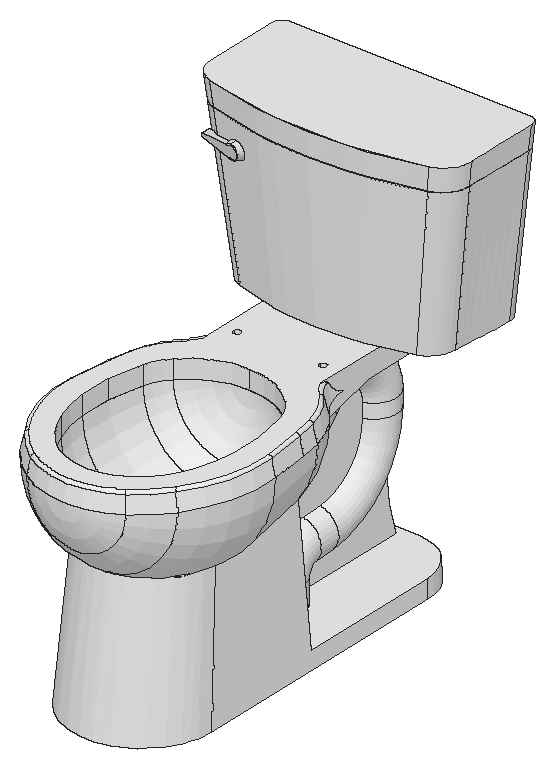
Revit family "Plumbing-Pressure-Assist-Water-Closet-Sloan-Valve-WETS-80298016_", category Plumbing Fixtures, host Face, Revit 2019 (continued)
Automatic sketch dimensions
  Masking region 1 sketch curve to Masking region 1 sketch curve = 2.31605"  (x2)
  Masking region 1 sketch curve to Masking region 1 sketch curve = 2.56575"  (x2)
  Masking region 1 sketch curve to Masking region 1 sketch curve = 5 33/128"
  Masking region 1 sketch curve to Masking region 1 sketch curve = 5.26793"
  Masking region 1 sketch curve to Masking region 1 sketch curve = 0.29604"  (x2)
  Masking region 1 sketch curve to Masking region 1 sketch curve = 17.12237"
  Masking region 1 sketch curve to Masking region 1 sketch curve = 8 3/8"
  Masking region 1 sketch curve to Masking region 1 sketch curve = 9 3/4"
  Masking region 1 sketch curve to Masking region 1 sketch curve = 3.22134"
  Masking region 1 sketch curve to Masking region 1 sketch curve = 1 1/4"
  Masking region 1 sketch curve to Masking region 1 sketch curve = 18.90159"
  Masking region 1 sketch curve to Masking region 1 sketch curve = 19.0791"
  Masking region 2 sketch curve to Masking region 2 sketch curve = 0"  (x21)
  Masking region 2 sketch curve to Masking region 2 sketch curve = 3/4"
  Masking region 2 sketch curve to Masking region 2 sketch curve = 1.02866"
  Masking region 2 sketch curve to Masking region 2 sketch curve = 2"  (x2)
  Masking region 2 sketch curve to Masking region 2 sketch curve = 2 1/4"  (x2)
  Masking region 2 sketch curve to Masking region 2 sketch curve = 2.79716"
  Masking region 2 sketch curve to Masking region 2 sketch curve = 0.52667"  (x2)
  Masking region 2 sketch curve to Masking region 2 sketch curve = 1.24583"
  Masking region 2 sketch curve to Masking region 2 sketch curve = 1.55117"  (x2)
  Masking region 2 sketch curve to Masking region 2 sketch curve = 1.66402"
  Masking region 2 sketch curve to Masking region 2 sketch curve = 0.70915"  (x2)
  Masking region 2 sketch curve to Masking region 2 sketch curve = 2.22418"  (x2)
  Masking region 2 sketch curve to Masking region 2 sketch curve = 0.38996"  (x2)
  Masking region 2 sketch curve to Masking region 2 sketch curve = 3.913"
  Masking region 2 sketch curve to Masking region 2 sketch curve = 4.50109"  (x2)
  Masking region 2 sketch curve to Masking region 2 sketch curve = 2.37129"  (x2)
  Masking region 2 sketch curve to Masking region 2 sketch curve = 2.31605"  (x2)
  Masking region 2 sketch curve to Masking region 2 sketch curve = 2.56575"  (x2)
  Masking region 2 sketch curve to Masking region 2 sketch curve = 5 33/128"
  Masking region 2 sketch curve to Masking region 2 sketch curve = 5.26793"
  Masking region 2 sketch curve to Masking region 2 sketch curve = 0.29604"  (x2)
  Masking region 2 sketch curve to Masking region 2 sketch curve = 17.12237"
  Masking region 2 sketch curve to Masking region 2 sketch curve = 8 3/8"
  Masking region 2 sketch curve to Masking region 2 sketch curve = 9 3/4"
  Masking region 2 sketch curve to Masking region 2 sketch curve = 3.22134"
  Masking region 2 sketch curve to Masking region 2 sketch curve = 1 1/4"
  Masking region 2 sketch curve to Masking region 2 sketch curve = 18.90159"
  Masking region 2 sketch curve to Masking region 2 sketch curve = 19.0791"
  plane 7 to Sweep 3 sketch curve = 16.44118"
  plane 7 to Sweep 3 sketch curve = 11 1/4"
  Sweep 3 sketch curve to Sweep 3 sketch curve = 1.57944"
  Sweep 3 sketch curve to Sweep 3 sketch curve = 1.22254"
  Sweep 3 sketch curve to Sweep 3 sketch curve = 1.50376"
  Sweep 3 sketch curve to Sweep 3 sketch curve = 2.37343"
  Sweep 3 sketch curve to Sweep 3 sketch curve = 3"
  Sweep 3 sketch curve to Sweep 3 sketch curve = 0.23912"
  Sweep 3 sketch curve to Sweep 3 sketch curve = 2.19457"
  Sweep 3 sketch curve to Sweep 3 sketch curve = 1.02691"
  Sweep 3 sketch curve to Sweep 3 sketch curve = 6.01869"
  Sweep 3 sketch curve to Sweep 3 sketch curve = 5.81653"
  Sweep 3 sketch curve to Sweep 3 sketch curve = 0.44425"
  Sweep 3 sketch curve to Sweep 3 sketch curve = 0"
  Sweep 3 sketch curve to Sweep 3 sketch curve = 1.66667"
  Sweep 3 sketch curve to Sweep 3 sketch curve = 0.07881"
  Sweep 3 sketch curve to Sweep 3 sketch curve = 2.69248"
  Extrusion 21 sketch curve to plane 7 = 0"
  plane 7 to Extrusion 21 sketch curve = 10.17837"
  Extrusion 21 sketch curve to Extrusion 21 sketch curve = 2.23845"
  plane 11 to Blend 22 sketch curve = 23 1/2"
  Blend 22 sketch curve to Blend 22 sketch curve = 3 1/2"  (x2)
  Blend 22 sketch curve to Blend 22 sketch curve = 4 7/8"
  Blend 22 sketch curve to Blend 22 sketch curve = 2 3/4"
  plane 11 to Blend 22 sketch curve = 4 67/128"
  plane 11 to Blend 22 sketch curve = 22.25397"
  plane 11 to Blend 22 sketch curve = 1 3/128"
  Blend 22 sketch curve to Blend 22 sketch curve = 4 5/16"
  Blend 22 sketch curve to Blend 22 sketch curve = 1 5/8"
  plane 11 to Extrusion 23 sketch curve = 13.77953"
  Extrusion 23 sketch curve to Extrusion 23 sketch curve = 5.00662"
  Extrusion 23 sketch curve to Extrusion 23 sketch curve = 1.37144"
  Extrusion 23 sketch curve to Extrusion 23 sketch curve = 0.83072"
  plane 11 to Extrusion 23 sketch curve = 2.01421"
  plane 11 to Extrusion 23 sketch curve = 1.80632"
  Extrusion 23 sketch curve to Extrusion 23 sketch curve = 1.24829"
  Extrusion 23 sketch curve to Extrusion 23 sketch curve = 2.7937"
  Sweep 24 sketch curve to profile plane = 0"  (x2)
  plane 11 to Extrusion 25 sketch curve = 25.07129"
  Extrusion 25 sketch curve to Extrusion 25 sketch curve = 6.25633"
  Extrusion 25 sketch curve to Extrusion 25 sketch curve = 0.63587"
  Extrusion 25 sketch curve to Extrusion 25 sketch curve = 7.2727"
  Extrusion 25 sketch curve to Extrusion 25 sketch curve = 1.99428"
  Extrusion 25 sketch curve to Extrusion 25 sketch curve = 1.03117"
  plane 11 to Extrusion 25 sketch curve = 1.54092"
  plane 11 to Extrusion 25 sketch curve = 1.93503"
  Extrusion 25 sketch curve to plane 11 = 12.09356"
  Extrusion 25 sketch curve to Extrusion 25 sketch curve = 5.1955"
  Extrusion 25 sketch curve to Extrusion 25 sketch curve = 7.268"
  Extrusion 25 sketch curve to Extrusion 25 sketch curve = 4 19/256"
  Extrusion 25 sketch curve to Extrusion 25 sketch curve = 4.71404"
  Extrusion 25 sketch curve to Extrusion 25 sketch curve = 3.46658"
  Extrusion 25 sketch curve to Extrusion 25 sketch curve = 0.2571"
  Extrusion 25 sketch curve to Extrusion 25 sketch curve = 0"
  plane 8 to Blend 26 sketch curve = 0.21467"
  plane 8 to Blend 26 sketch curve = 0.58558"
  plane 11 to Blend 26 sketch curve = 5/16"
  plane 8 to Blend 26 sketch curve = 0.96182"
  Blend 26 sketch curve to Blend 26 sketch curve = 1.99239"
  plane 8 to Blend 26 sketch curve = 7 15/16"
  plane 9 to Blend 26 sketch curve = 2.57797"
  plane 9 to Blend 26 sketch curve = 0.96182"
  plane 9 to Blend 26 sketch curve = 0.58558"
  plane 9 to Blend 26 sketch curve = 0.21467"
  Blend 26 sketch curve to Blend 26 sketch curve = 3/4"  (x3)
  Blend 26 sketch curve to Blend 26 sketch curve = 4.13053"  (x2)
  Blend 26 sketch curve to Blend 26 sketch curve = 0.17431"  (x2)
  Blend 26 sketch curve to plane 11 = 9.28691"
  Blend 26 sketch curve to Blend 26 sketch curve = 0"  (x2)
  plane 11 to Blend 26 sketch curve = 0"
  plane 11 to Blend 26 sketch curve = 6 1/128"  (x2)
  Blend 26 sketch curve to Blend 26 sketch curve = 2"
  Blend 26 sketch curve to Blend 26 sketch curve = 8 3/8"
  Blend 26 sketch curve to Blend 26 sketch curve = 14 1/4"
  plane 11 to Blend 26 sketch curve = 3/4"
  Blend 26 sketch curve to Blend 26 sketch curve = 1 1/4"
  Blend 26 sketch curve to plane 11 = 19.0791"
  Extrusion 27 sketch curve to Extrusion 27 sketch curve = 2.41998"
  Extrusion 27 sketch curve to Extrusion 27 sketch curve = 0.01099"
  Extrusion 27 sketch curve to Extrusion 27 sketch curve = 0.0192"
  Extrusion 27 sketch curve to Extrusion 27 sketch curve = 0.16999"
  Extrusion 27 sketch curve to Extrusion 27 sketch curve = 0.15715"
  Extrusion 27 sketch curve to Extrusion 27 sketch curve = 0.78299"
  Revolve 28 sketch curve to Revolve 28 sketch curve = 0.48262"
  Revolve 28 sketch curve to Revolve 28 sketch curve = 1/2"
  Revolve 28 sketch curve to Revolve 28 sketch curve = 0.47889"
  Revolve 28 sketch curve to Revolve 28 sketch curve = 0.02676"
  Revolve 28 sketch curve to Revolve 28 sketch curve = 0.15681"
  Revolve 28 sketch curve to Revolve 28 sketch curve = 0"  (x2)
  Revolve 28 sketch curve to Revolve 28 sketch curve = 0.11261"
  plane 11 to Revolve 29 sketch curve = 18.41431"
  Revolve 29 sketch curve to Revolve 29 sketch curve = 0.38226"
  Revolve 29 sketch curve to Revolve 29 sketch curve = 213/256"
  Revolve 29 sketch curve to Revolve 29 sketch curve = 0"  (x10)
  Revolve 29 sketch curve to Revolve 29 sketch curve = 1.55117"
  Revolve 29 sketch curve to Revolve 29 sketch curve = 0.52667"
  Revolve 29 sketch curve to Revolve 29 sketch curve = 1.06316"
  Revolve 29 sketch curve to Revolve 29 sketch curve = 0.55817"
  Revolve 29 sketch curve to Revolve 29 sketch curve = 4.78572"
  Revolve 29 sketch curve to Revolve 29 sketch curve = 17.76248"
  Revolve 29 sketch curve to Revolve 29 sketch curve = 1.12242"
  Revolve 29 sketch curve to Revolve 29 sketch curve = 1.54616"
  Revolve 29 sketch curve to Revolve 29 sketch curve = 1.91616"
  Revolve 29 sketch curve to Revolve 29 sketch curve = 0.22012"
  Revolve 29 sketch curve to Revolve 29 sketch curve = 0.002"
  Revolve 29 sketch curve to Revolve 29 sketch curve = 0.38996"
  Revolve 29 sketch curve to Revolve 29 sketch curve = 2.4971"
  Revolve 29 sketch curve to Revolve 29 sketch curve = 1.76271"
  Revolve 29 sketch curve to Revolve 29 sketch curve = 0.46147"
  Revolve 29 sketch curve to Revolve 29 sketch curve = 1.76813"
  Revolve 29 sketch curve to Revolve 29 sketch curve = 2.37097"
  Revolve 29 sketch curve to Revolve 29 sketch curve = 1.94676"
  Revolve 29 sketch curve to Revolve 29 sketch curve = 0.65231"
  Revolve 29 sketch curve to Revolve 29 sketch curve = 3.62883"
  Revolve 29 sketch curve to Revolve 29 sketch curve = 2.41279"
  Revolve 29 sketch curve to Revolve 29 sketch curve = 0.18389"
  Revolve 29 sketch curve to Revolve 29 sketch curve = 1/2"
  Extrusion 30 sketch curve to Extrusion 30 sketch curve = 0.67182"
  Extrusion 30 sketch curve to Extrusion 30 sketch curve = 1.77234"
  Extrusion 30 sketch curve to Extrusion 30 sketch curve = 1.545"  (x2)
  Extrusion 30 sketch curve to Extrusion 30 sketch curve = 93/128"
  Extrusion 30 sketch curve to Extrusion 30 sketch curve = 0.40828"
  Extrusion 30 sketch curve to Extrusion 30 sketch curve = 2.54228"
  Extrusion 30 sketch curve to Extrusion 30 sketch curve = 2.74948"
  Blend 31 sketch curve to Blend 31 sketch curve = 0.99706"
  Blend 31 sketch curve to Blend 31 sketch curve = 0.24541"
  Blend 31 sketch curve to Blend 31 sketch curve = 1 13/16"
  Blend 31 sketch curve to Blend 31 sketch curve = 0.37271"
  Blend 32 sketch curve to Blend 32 sketch curve = 1 13/16"  (x2)
  Blend 32 sketch curve to Blend 32 sketch curve = 0.37271"
  Blend 32 sketch curve to Blend 32 sketch curve = 1.15396"
  plane 11 to Sweep 33 sketch curve = 26.57715"
  Sweep 33 sketch curve to Sweep 33 sketch curve = 9.12902"
  Sweep 33 sketch curve to Sweep 33 sketch curve = 0.84594"
  Sweep 33 sketch curve to Sweep 33 sketch curve = 3.46596"
  Sweep 33 sketch curve to Sweep 33 sketch curve = 1.9345"
  Sweep 33 sketch curve to Sweep 33 sketch curve = 0.18533"
  Sweep 33 sketch curve to Sweep 33 sketch curve = 1.3913"
  Sweep 33 sketch curve to Sweep 33 sketch curve = 1.1687"
  Sweep 33 sketch curve to Sweep 33 sketch curve = 3.42714"
  Sweep 33 sketch curve to Sweep 33 sketch curve = 1.86098"
  Sweep 33 sketch curve to Sweep 33 sketch curve = 1.34254"
  Sweep 33 sketch curve to Sweep 33 sketch curve = 1.96082"
  Sweep 33 sketch curve to Sweep 33 sketch curve = 0"  (x3)
  Sweep 33 sketch curve to Sweep 33 sketch curve = 2.59819"
  Sweep 33 sketch curve to profile plane = 0"
  Sweep 33 sketch curve to profile plane = 0.99706"  (x2)
  Sweep 34 sketch curve to Sweep 34 sketch curve = 0"  (x12)
  Sweep 34 sketch curve to plane 10 = 0"  (x4)
  plane 10 to Sweep 34 sketch curve = 5.70094"  (x2)
  plane 11 to Sweep 34 sketch curve = 10.88962"
  Sweep 34 sketch curve to Sweep 34 sketch curve = 18.15103"  (x2)
  Sweep 34 sketch curve to Sweep 34 sketch curve = 4"  (x2)
  Sweep 34 sketch curve to Sweep 34 sketch curve = 2.01849"
  Sweep 34 sketch curve to Sweep 34 sketch curve = 0.52667"  (x2)
  Sweep 34 sketch curve to Sweep 34 sketch curve = 1.24583"
  Sweep 34 sketch curve to Sweep 34 sketch curve = 1.55117"  (x2)
  Sweep 34 sketch curve to Sweep 34 sketch curve = 1.66402"
  Sweep 34 sketch curve to Sweep 34 sketch curve = 3.26432"
  plane 10 to Sweep 34 sketch curve = 4.99179"
  Sweep 34 sketch curve to Sweep 34 sketch curve = 2.22418"
  Sweep 34 sketch curve to Sweep 34 sketch curve = 0.38996"  (x2)
  Sweep 34 sketch curve to Sweep 34 sketch curve = 3.913"
  Sweep 34 sketch curve to Sweep 34 sketch curve = 6.87238"
  Sweep 34 sketch curve to Sweep 34 sketch curve = 5.26793"
  Sweep 34 sketch curve to Sweep 34 sketch curve = 0.29604"  (x2)
  Sweep 34 sketch curve to Sweep 34 sketch curve = 4.31887"  (x2)
  Sweep 34 sketch curve to profile plane = 0"
  Sweep 34 sketch curve to profile plane = 0.25828"
  Sweep 34 sketch curve to Sweep 34 sketch curve = 0.24359"
  Sweep 34 sketch curve to profile plane = 0.71616"
  profile plane to Sweep 34 sketch curve = 14 3/16"
  Sweep 34 sketch curve to Sweep 34 sketch curve = 1 1/16"
  Sweep 34 sketch curve to Sweep 34 sketch curve = 0.05624"
  Extrusion 35 sketch curve to Extrusion 35 sketch curve = 0"  (x20)
  plane 11 to Extrusion 35 sketch curve = 21.08289"
  Extrusion 35 sketch curve to Extrusion 35 sketch curve = 4.78572"  (x2)
  Extrusion 35 sketch curve to Extrusion 35 sketch curve = 0.55817"  (x2)
  Extrusion 35 sketch curve to Extrusion 35 sketch curve = 1.92673"  (x2)
  Extrusion 35 sketch curve to Extrusion 35 sketch curve = 3.141"
  Extrusion 35 sketch curve to Extrusion 35 sketch curve = 1.21427"  (x2)
  Extrusion 35 sketch curve to Extrusion 35 sketch curve = 0.37"  (x2)
  Extrusion 35 sketch curve to Extrusion 35 sketch curve = 0.22012"  (x2)
  Extrusion 35 sketch curve to Extrusion 35 sketch curve = 2.15467"
  Extrusion 35 sketch curve to Extrusion 35 sketch curve = 2.13627"
  Extrusion 35 sketch curve to Extrusion 35 sketch curve = 1.12242"  (x2)
  Extrusion 35 sketch curve to Extrusion 35 sketch curve = 1.58443"
  Extrusion 35 sketch curve to Extrusion 35 sketch curve = 1.57431"  (x2)
  Extrusion 36 sketch curve to Extrusion 36 sketch curve = 0"  (x15)
  plane 11 to Extrusion 36 sketch curve = 23.57999"  (x2)
  plane 11 to Extrusion 36 sketch curve = 10.88962"
  Extrusion 36 sketch curve to Extrusion 36 sketch curve = 18.15103"  (x2)
  Extrusion 36 sketch curve to Extrusion 36 sketch curve = 4"  (x2)
  Extrusion 36 sketch curve to Extrusion 36 sketch curve = 2.01849"
  Extrusion 36 sketch curve to Extrusion 36 sketch curve = 0.52667"  (x2)
  Extrusion 36 sketch curve to Extrusion 36 sketch curve = 1.24583"
  Extrusion 36 sketch curve to Extrusion 36 sketch curve = 1.55117"  (x2)
  Extrusion 36 sketch curve to Extrusion 36 sketch curve = 1.66402"
  Extrusion 36 sketch curve to Extrusion 36 sketch curve = 3.26432"
  Extrusion 36 sketch curve to Extrusion 36 sketch curve = 13.39952"
  Extrusion 36 sketch curve to Extrusion 36 sketch curve = 2.22418"  (x2)
  Extrusion 36 sketch curve to Extrusion 36 sketch curve = 0.38996"  (x2)
  Extrusion 36 sketch curve to Extrusion 36 sketch curve = 3.913"
  Extrusion 36 sketch curve to Extrusion 36 sketch curve = 3.98247"
  Extrusion 36 sketch curve to Extrusion 36 sketch curve = 0.39147"  (x2)
  Extrusion 36 sketch curve to Extrusion 36 sketch curve = 2.49844"
  Extrusion 36 sketch curve to Extrusion 36 sketch curve = 4.55398"
  Extrusion 36 sketch curve to Extrusion 36 sketch curve = 0.28975"  (x2)
  plane 11 to Extrusion 37 sketch curve = 15 3/4"
  Extrusion 37 sketch curve to Extrusion 37 sketch curve = 1.03091"
  Extrusion 37 sketch curve to plane 11 = 0.34835"
  Extrusion 37 sketch curve to Extrusion 37 sketch curve = 14.74266"
  plane 11 to Revolve 38 sketch curve = 18.41431"
  Revolve 38 sketch curve to Revolve 38 sketch curve = 1.21427"
  Revolve 38 sketch curve to Revolve 38 sketch curve = 3.141"
  Revolve 38 sketch curve to Revolve 38 sketch curve = 0.55817"
  Revolve 38 sketch curve to Revolve 38 sketch curve = 4.78572"
  Revolve 38 sketch curve to Revolve 38 sketch curve = 1.12242"
  Revolve 38 sketch curve to Revolve 38 sketch curve = 1.54616"
  Revolve 38 sketch curve to Revolve 38 sketch curve = 1.91616"
  Revolve 38 sketch curve to Revolve 38 sketch curve = 0.22012"
  Revolve 38 sketch curve to Revolve 38 sketch curve = 2.15467"
  Revolve 38 sketch curve to Revolve 38 sketch curve = 4.85057"
  Revolve 38 sketch curve to Revolve 38 sketch curve = 4.53114"
  Revolve 38 sketch curve to Revolve 38 sketch curve = 0"  (x5)
  Revolve 38 sketch curve to Revolve 38 sketch curve = 2.34667"
  Revolve 38 sketch curve to Revolve 38 sketch curve = 1/2"
  plane 11 to Extrusion 39 sketch curve = 11 3/8"
  Extrusion 39 sketch curve to Extrusion 39 sketch curve = 6"
  Extrusion 39 sketch curve to Extrusion 39 sketch curve = 0"
  Extrusion 40 sketch curve to Extrusion 40 sketch curve = 0"  (x17)
  plane 11 to Extrusion 40 sketch curve = 0"
  plane 11 to Extrusion 40 sketch curve = 6 1/128"  (x2)
  Extrusion 40 sketch curve to Extrusion 40 sketch curve = 1/4"
  Extrusion 40 sketch curve to Extrusion 40 sketch curve = 1/2"
  Extrusion 40 sketch curve to Extrusion 40 sketch curve = 1 3/4"  (x2)
  Extrusion 40 sketch curve to Extrusion 40 sketch curve = 8 3/8"
  Extrusion 40 sketch curve to Extrusion 40 sketch curve = 14 1/4"
  Extrusion 40 sketch curve to Extrusion 40 sketch curve = 1 1/4"
  Extrusion 40 sketch curve to plane 11 = 19.0791"
  plane 11 to Sweep 24 sketch curve = 16.44118"
  plane 11 to Sweep 24 sketch curve = 11 1/4"
  Sweep 24 sketch curve to Sweep 24 sketch curve = 1.57944"
  Sweep 24 sketch curve to Sweep 24 sketch curve = 1.22254"
  Sweep 24 sketch curve to Sweep 24 sketch curve = 1.50376"
  Sweep 24 sketch curve to Sweep 24 sketch curve = 2.37343"
  Sweep 24 sketch curve to Sweep 24 sketch curve = 3"
  Sweep 24 sketch curve to Sweep 24 sketch curve = 0.23912"
  Sweep 24 sketch curve to Sweep 24 sketch curve = 2.19457"
  Sweep 24 sketch curve to Sweep 24 sketch curve = 1.02691"
  Sweep 24 sketch curve to Sweep 24 sketch curve = 6.01869"
  Sweep 24 sketch curve to Sweep 24 sketch curve = 5.81653"
  Sweep 24 sketch curve to Sweep 24 sketch curve = 0.44425"
  Sweep 24 sketch curve to Sweep 24 sketch curve = 0"
  Sweep 24 sketch curve to Sweep 24 sketch curve = 1.66667"
  Sweep 24 sketch curve to Sweep 24 sketch curve = 0.07881"
  Sweep 24 sketch curve to Sweep 24 sketch curve = 2.69248"
  Extrusion 41 sketch curve to plane 11 = 0"
  plane 11 to Extrusion 41 sketch curve = 10.17837"
  Extrusion 41 sketch curve to Extrusion 41 sketch curve = 2.23845"
  radius of Sweep 3 sketch curve = 1 1/2"
  radius of Extrusion 5 sketch curve = 1/4"
  radius of Extrusion 19 sketch curve = 1/4"  (x2)
  radius of Sweep 24 sketch curve = 1 1/2"
  radius of Extrusion 39 sketch curve = 1/4"  (x2)
Connectors
  piping at (-152.4, 0, 254), diameter 12.7, driven by "Cold Water Connection Diameter", driven by "CWFU", driven by "Valve Pressure Drop", driven by "Cold Water Connector Description"
    settings: on Extrusion 5, index 1, connector inside diameter 24", connector length 0", flow factor 0, pipe flow 0 GPM, pressure drop 0.00 psi, fitting loss kfactor 0, connector angle 0.00°, fixture units 10, engagement length 0", angle of deflection 0.00°, flow configuration 3, flow direction 1, fitting loss method 4, system type 20, joint type 0, gender type 0, connector reference index -1, connector utility 0, adjustable connector no, is connector primary yes, connector description "Cold Water Connector d1/2\""
  piping at (0, -304.8, 0), diameter 53.975, driven by "Sanitary Drain Connection Diameter", driven by "WFU", driven by "Sanitary Drain Connector Description"
    settings: on Sweep 3, index 2, connector inside diameter 24", connector length 0", flow factor 0, pipe flow 0 GPM, pressure drop 0.00 psi, fitting loss kfactor 0, connector angle 0.00°, fixture units 10, engagement length 0", angle of deflection 0.00°, flow configuration 3, flow direction 2, fitting loss method 0, system type 16, joint type 0, gender type 0, connector reference index -1, connector utility 0, adjustable connector no, is connector primary no, connector description "Sanitary Drain Connector d2 1/8\""
Types (4): name | Water Closet Code | Product Material | Part Number | Model | Description
  (no name) | "2108029" | Sloan Valve - Vitreous China - White | "WETS-8029.8016" | "WETS-8029.8016" | "Floor-Mounted 1.0 gpf (3.8 Lpf) ADA 12\" Rough-in Pressure-Assisted/Tank Toilet."
  WETS-8029.8016 | "2108029" | Sloan Valve - Vitreous China - White | "WETS-8029.8016" | "WETS-8029.8016" | "Floor-Mounted 1.0 gpf (3.8 Lpf) ADA 12\" Rough-in Pressure-Assisted/Tank Toilet."
  WETS-8029.8016-BAA | "2108029" | Sloan Valve - Vitreous China - White | "80298016" | "WETS-8029.8016-BAA" | "Floor-Mounted 1.0 gpf (3.8 Lpf) ADA 12\" Rough-in Pressure-Assisted/Tank Toilet."
  WETS-8029.8016-STG | "2178029" | Sloan Valve - Vitreous China - SloanTec Glaze White | "WETS-8029.8016-STG" | "WETS-8029.8016-STG" | "Floor-Mounted 1.0 gpf (3.8 Lpf) ADA 12\" Rough-in Pressure-Assisted/Tank Toilet with SloanTec® Glaze."
